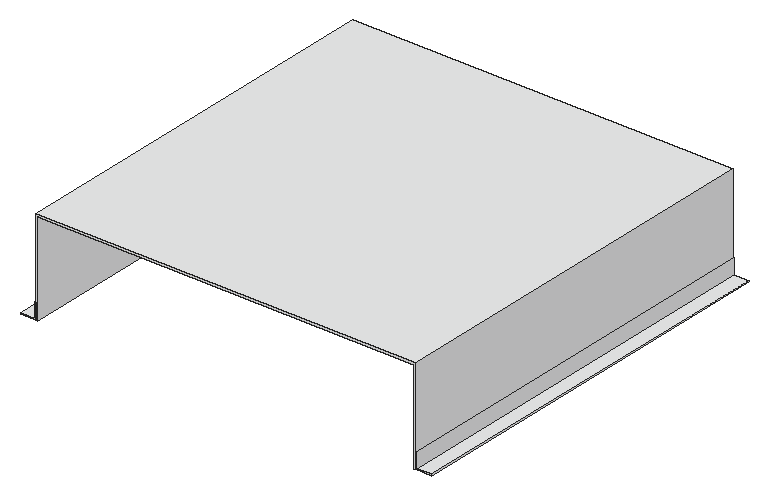
Revit family "FallProtection_Skylight_Kattsafe_Raised", category Specialty Equipment, Revit 2025
Family settings
  Round Connector Dimension = Use Diameter
  Part Type = Normal
  OmniClass Number = 23.27.71.21
  Work Plane-Based = Yes
  Enable Cutting in Views = No
  Always vertical = No
  Cut with Voids When Loaded = No
  Maintain Annotation Orientation = No
  Shared = No
  Room Calculation Point = No
Parameters (values of type "1200l x 1250w x 300h (SP395.1200)")
  Uniclass2015Version = "Products v1.23"
  Uniclass2015Title = "Shutters and grilles"
  Uniclass2015Code = "Pr_30_59_84"
  URL = "https://kattsafe.com.au/"
  Type IFC Predefined Type = "USERDEFINED"
  Type Comments = "Raised Skylight Protector - 1200(L) x 1250(W) x 300(H)"
  SafetyDisclaimer [instance] = "WARNING! The correct placement of access, fall protection and facade maintenance systems is critical to ensure it is fit-for-purpose and safe for the operator to use. Did you know Kattsafe® have a dedicated team of Height Safety System Design Specialists? Kattsafe® provide one-on-one consultation and system design assistance to ensure you are meeting the stringent requirements of height safety and to give you PEACE OF MIND with your project."  # constant formula
  ModifiedIssue = 20240430
  Model = "SP395.1200"
  Material = Aluminum_Kattsafe_Mesh_Protex
  ManufacturerURLProductSpecific = "https://kattsafe.com.au/products/skylight-protectors/Raised-skylight-protector-SP395"
  ManufacturerSpecCode = Model  # "SP395.1200"
  ManufacturerOverallWidth = 1250 mm
  ManufacturerOverallLength = 1200 mm
  ManufacturerOverallHeight = 300 mm
  ManufacturerHeightFromFFL [instance] = 0 mm
  Manufacturer = "Kattsafe®"  # constant formula
  IfcExportType = "USERDEFINED"
  IfcExportAs = "IfcBuildingElementProxy"
  FrameMaterial = Aluminum_Kattsafe_Satin
  Export Type to IFC As = "IfcBuildingElementProxy"
  ElementType = "Fall Protection"
  Description = "Skylight protectors provide fall hazard protection for brittle skylights and roof surfaces without compromising light penetration. Available in multiple configurations and sizes, Kattsafe skylight protectors work well with all types of roof lights, skylights and brittle roof structures."  # constant formula
  Default Elevation = 1219.2 mm
  CreatedByURL = "https://igsgroup.com.au"
  CreatedBy = "IGS BIM Solutions"  # constant formula
  Assembly Code = "E1090100"
Types (2, lengths in mm): name | Type Comments | Model | ManufacturerSpecCode | ManufacturerOverallWidth | ManufacturerOverallLength
  800l x 835w x 300h (SP395.800) | "Raised Skylight Protector - 800(L) x 835(W) x 300(H)" | "SP395.800" | "SP395.800" | 835 | 800
  1200l x 1250w x 300h (SP395.1200) | "Raised Skylight Protector - 1200(L) x 1250(W) x 300(H)" | "SP395.1200" | "SP395.1200" | 1250 | 1200
Reference planes
  plane 1 "Center (Front/Back)": y = -915
  plane 2 "BottomReference": z = 0
  plane 3 "Center (Left/Right)": x = 0
  plane 4 "Left": x = -600
  plane 5 "Right": x = 600
  plane 6 "Back": y = -290
  plane 7 "Front": y = -1540
  plane 8 "Bottom": z = 0
  plane 9 "Center (Elevation)": z = 150
  plane 10 "Top": z = 300
  plane 11 "TopInternal": z = 294
  plane 12 "BracketBack": x = -650
  plane 13 "BracketFront": x = 650
  plane 14 "BracketTop": z = 50
  plane 15 "RightInternal": x = -594
  plane 16 "LeftInternal": x = 594
Forms (mm)
  Extrusion 1, solid, material "Aluminum_Kattsafe_Mesh_Protex" <- "Material"
    sketch origin (-915, -915, 0) x (-1, 0, 0) y (0, 0, 1)
      loop
        line (-315, 0) -> (-315, 300) -> (-1515, 300) -> (-1515, 0) -> (-1509, 0) -> (-1509, 294) -> (-321, 294) -> (-321, 0) -> (-315, 0)
    from -625 to 625
  Extrusion 2, solid, material "Aluminum_Kattsafe_Satin" <- "FrameMaterial"
    sketch origin (-915, -915, 0) x (-1, 0, 0) y (0, 0, 1)
      loop
        line (-265, 3) -> (-312, 3) -> (-312, 50) -> (-315, 50) -> (-315, 0) -> (-265, 0) -> (-265, 3)
      loop
        line (-1565, 3) -> (-1565, 0) -> (-1515, 0) -> (-1515, 50) -> (-1518, 50) -> (-1518, 3) -> (-1565, 3)
    from -625 to 625
Text (mm)
  text "Disclaimer:\nDue to ongoing product development and manufacturing \nevolution, product details are subject to change without \nnotice. Please refer to product technical data sheets on \nthe manufacturers website for the most current product \ninformation. Please allow a +/- 5mm manufacturing \ntolerance for dimensions and set-outs shown in product \nliterature." at (1592.109, -632.31, 0), in view "Ref. Level"
Dimensions and locks
  "ManufacturerOverallHeight": plane 10 "Top" to plane 8 "Bottom"
  equal spacing: plane 10 "Top", plane 9 "Center (Elevation)", plane 8 "Bottom"
  "ManufacturerHeightFromFFL": plane 8 "Bottom" to plane 2 "BottomReference"
  "ManufacturerOverallLength": plane 4 "Left" to plane 5 "Right"
  equal spacing: plane 4 "Left", plane 3 "Center (Left/Right)", plane 5 "Right"
  "ManufacturerOverallWidth": plane 7 "Front" to plane 6 "Back"
  equal spacing: plane 7 "Front", plane 1 "Center (Front/Back)", plane 6 "Back"
  locked: plane 10 "Top" to plane 11 "TopInternal" at 6
  locked: plane 14 "BracketTop" to plane 8 "Bottom" at 50
  locked: Extrusion 2 sketch curve to plane 8 "Bottom" at 3  (x2)
  locked: plane 12 "BracketBack" to plane 4 "Left" at 50
  locked: plane 5 "Right" to plane 13 "BracketFront" at 50
  locked: plane 4 "Left" to plane 15 "RightInternal" at 6
  locked: plane 16 "LeftInternal" to plane 5 "Right" at 6
  locked: Extrusion 2 sketch curve to plane 5 "Right" at 3
  locked: plane 4 "Left" to Extrusion 2 sketch curve at 3
  aligned and locked: plane 8 "Bottom" to Extrusion 1 sketch curve  (x2)
  aligned and locked: Extrusion 1 sketch curve to plane 10 "Top"
  aligned and locked: Extrusion 1 to plane 11 "TopInternal"
  aligned and locked: Extrusion 2 sketch curve to plane 8 "Bottom"
  aligned and locked: plane 8 "Bottom" to Extrusion 2 sketch curve
  aligned and locked: plane 14 "BracketTop" to Extrusion 2 sketch curve
  aligned and locked: Extrusion 2 sketch curve to plane 14 "BracketTop"
  aligned and locked: Extrusion 1 to plane 6 "Back"
  aligned and locked: plane 7 "Front" to Extrusion 1
  aligned and locked: Extrusion 2 to plane 7 "Front"
  aligned and locked: Extrusion 2 to plane 6 "Back"
  aligned and locked: Extrusion 1 sketch curve to plane 11 "TopInternal"
  aligned and locked: Extrusion 1 sketch curve to plane 16 "LeftInternal"
  aligned and locked: plane 5 "Right" to Extrusion 1 sketch curve
  aligned and locked: plane 15 "RightInternal" to Extrusion 1 sketch curve
  aligned and locked: Extrusion 1 sketch curve to plane 4 "Left"
  aligned and locked: plane 4 "Left" to Extrusion 2 sketch curve
  aligned and locked: plane 5 "Right" to Extrusion 2 sketch curve
Automatic sketch dimensions
  Extrusion 2 sketch curve to Extrusion 2 sketch curve = 47 mm
  plane 13 "BracketFront" to Extrusion 2 sketch curve = 0 mm
